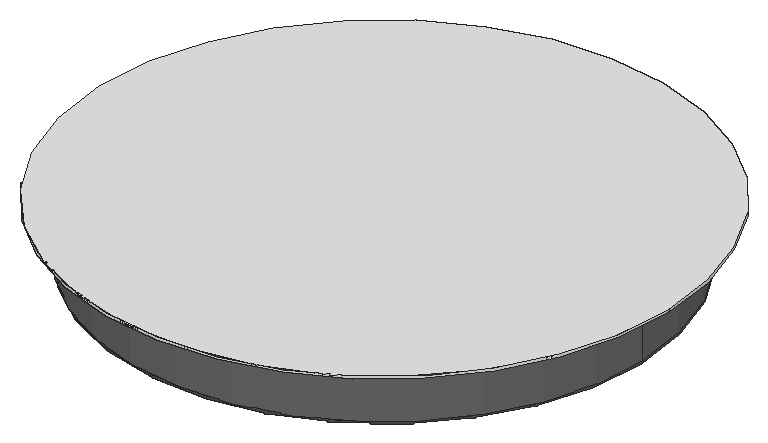
Revit family "ARKOSLIGHT_Fancy Shape Base 10", category Lighting Fixtures, host Face, Revit 2019
Family settings
  Host = Face
  Round Connector Dimension = Use Diameter
  Part Type = Normal
  Cut with Voids When Loaded = No
  Light Source = No
  Shared = No
  Room Calculation Point = No
Parameters (values of type "A4170141WT - FANCY SHAPE BASE 10 500mA WT")
  URL = "https://www.arkoslight.com/en/product/fsbase-es/"
  Model = ARKOSLIGHT_Model  # "FANCY SHAPE BASE"
  Manufacturer = "ARKOSLIGHT"  # constant formula
  ARKOSLIGHT_Wattage = 66.4 W
  ARKOSLIGHT_Series = "FANCY SHAPE BASE 10"  # constant formula
  ARKOSLIGHT_Reference = "A4170141WT"
  ARKOSLIGHT_Model = "FANCY SHAPE BASE"  # constant formula
  ARKOSLIGHT_IP = "20"
  ARKOSLIGHT_Fixture Type = "ACCESSORIES"  # constant formula
  ARKOSLIGHT_Dimming = "No Dim"
  ARKOSLIGHT_Color = "Textured white"
  Default Elevation = 0 mm
  Apparent Load = ARKOSLIGHT_Apparent Load  # 56 VA
  ARKOSLIGHT_Body_Secundary_Color = ARKOSLIGHT_Textured black
  ARKOSLIGHT_Body_Color = ARKOSLIGHT_Textured white
  ARKOSLIGHT_Apparent Load = 56 VA
Types (2, lengths in mm): name | ARKOSLIGHT_Reference | ARKOSLIGHT_Color | ARKOSLIGHT_Body_Color
  A4170141NT - FANCY SHAPE BASE 10 500mA NT | "A4170141NT" | "Textured black" | ARKOSLIGHT_Textured black
  A4170141WT - FANCY SHAPE BASE 10 500mA WT | "A4170141WT" | "Textured white" | ARKOSLIGHT_Textured white
Reference planes
  plane 1 "Center (Front/Back)": y = 0
  plane 2: z = 0
  plane 3 "Center (Left/Right)": x = 0
  plane 4: z = 34
Forms (mm)
  Extrusion 1, solid, material "ARKOSLIGHT_Textured white" <- "ARKOSLIGHT_Body_Color"
    sketch origin (-186.022, -4572, 34) x (-1, 0, 0) y (0, -1, 0)
      loop
        circle (-186.022, -4572) r 165
    from 0 to -1.425
  Revolve 2, solid, material "ARKOSLIGHT_Textured black" <- "ARKOSLIGHT_Body_Secundary_Color"
    sketch origin (0, 0, 0) x (1, 0, 0) y (0, 0, 1)
      loop
        line (0, 17.461) -> (0, 4.177) -> (128.904, 4.177) -> (131.729, 0) -> (147.965, 0)
        arc (147.965, 0) -> (149.379, 0.586) -> (149.965, 2) r 2
        line (149.965, 2) -> (149.965, 28.7) -> (147.527, 28.7) -> (147.527, 17.461) -> (0, 17.461)
      axis (0, 28.7) -> (0, 0)
    angle from 0 to 360
  Extrusion 3, solid, material "ARKOSLIGHT_Textured black" <- "ARKOSLIGHT_Body_Secundary_Color"
    sketch origin (-140.63, -51.219, 17.461) x (-1, 0, 0) y (0, -1, 0)
      loop
        circle (0, -51.219) r 4.5
    from 5.109 to 0
  Extrusion 4, solid, material "ARKOSLIGHT_Textured black" <- "ARKOSLIGHT_Body_Secundary_Color"
    sketch origin (-140.63, -51.219, 22.57) x (-1, 0, 0) y (0, -1, 0)
      loop
        circle (0, -51.219) r 5
    from 0 to 10.005
  Extrusion 5, solid, material "ARKOSLIGHT_Textured black" <- "ARKOSLIGHT_Body_Secundary_Color"
    sketch origin (-83.667, -124.097, 17.461) x (-0.809017, -0.587785, 0) y (0.587785, -0.809017, 0)
      loop
        circle (0, -51.219) r 4.5
    from 5.109 to 0
  Extrusion 6, solid, material "ARKOSLIGHT_Textured black" <- "ARKOSLIGHT_Body_Secundary_Color"
    sketch origin (-83.667, -124.097, 22.57) x (-0.809017, -0.587785, 0) y (0.587785, -0.809017, 0)
      loop
        circle (0, -51.219) r 5
    from 0 to 10.005
  Extrusion 7, solid, material "ARKOSLIGHT_Textured black" <- "ARKOSLIGHT_Body_Secundary_Color"
    sketch origin (-143.878, 41.223, 17.461) x (-0.809017, 0.587785, 0) y (-0.587785, -0.809017, 0)
      loop
        circle (0, -51.219) r 4.5
    from 5.109 to 0
  Extrusion 8, solid, material "ARKOSLIGHT_Textured black" <- "ARKOSLIGHT_Body_Secundary_Color"
    sketch origin (-143.878, 41.223, 22.57) x (-0.809017, 0.587785, 0) y (-0.587785, -0.809017, 0)
      loop
        circle (0, -51.219) r 5
    from 0 to 10.005
  Extrusion 9, solid, material "ARKOSLIGHT_Textured black" <- "ARKOSLIGHT_Body_Secundary_Color"
    sketch origin (-92.169, 117.92, 17.461) x (-0.309017, 0.951057, 0) y (-0.951057, -0.309017, 0)
      loop
        circle (0, -51.219) r 4.5
    from 5.109 to 0
  Extrusion 10, solid, material "ARKOSLIGHT_Textured black" <- "ARKOSLIGHT_Body_Secundary_Color"
    sketch origin (-92.169, 117.92, 22.57) x (-0.309017, 0.951057, 0) y (-0.951057, -0.309017, 0)
      loop
        circle (0, -51.219) r 5
    from 0 to 10.005
  Extrusion 11, solid, material "ARKOSLIGHT_Textured black" <- "ARKOSLIGHT_Body_Secundary_Color"
    sketch origin (-5.255, 149.575, 17.461) x (0.309017, 0.951057, 0) y (-0.951057, 0.309017, 0)
      loop
        circle (0, -51.219) r 4.5
    from 5.109 to 0
  Extrusion 12, solid, material "ARKOSLIGHT_Textured black" <- "ARKOSLIGHT_Body_Secundary_Color"
    sketch origin (-5.255, 149.575, 22.57) x (0.309017, 0.951057, 0) y (-0.951057, 0.309017, 0)
      loop
        circle (0, -51.219) r 5
    from 0 to 10.005
  Extrusion 13, solid, material "ARKOSLIGHT_Textured black" <- "ARKOSLIGHT_Body_Secundary_Color"
    sketch origin (83.667, 124.097, 17.461) x (0.809017, 0.587785, 0) y (-0.587785, 0.809017, 0)
      loop
        circle (0, -51.219) r 4.5
    from 5.109 to 0
  Extrusion 14, solid, material "ARKOSLIGHT_Textured black" <- "ARKOSLIGHT_Body_Secundary_Color"
    sketch origin (83.667, 124.097, 22.57) x (0.809017, 0.587785, 0) y (-0.587785, 0.809017, 0)
      loop
        circle (0, -51.219) r 5
    from 0 to 10.005
  Extrusion 15, solid, material "ARKOSLIGHT_Textured black" <- "ARKOSLIGHT_Body_Secundary_Color"
    sketch origin (140.63, 51.219, 17.461) x (1, 0, 0) y (0, 1, 0)
      loop
        circle (0, -51.219) r 4.5
    from 5.109 to 0
  Extrusion 16, solid, material "ARKOSLIGHT_Textured black" <- "ARKOSLIGHT_Body_Secundary_Color"
    sketch origin (140.63, 51.219, 22.57) x (1, 0, 0) y (0, 1, 0)
      loop
        circle (0, -51.219) r 5
    from 0 to 10.005
  Extrusion 17, solid, material "ARKOSLIGHT_Textured black" <- "ARKOSLIGHT_Body_Secundary_Color"
    sketch origin (143.878, -41.223, 17.461) x (0.809017, -0.587785, 0) y (0.587785, 0.809017, 0)
      loop
        circle (0, -51.219) r 4.5
    from 5.109 to 0
  Extrusion 18, solid, material "ARKOSLIGHT_Textured black" <- "ARKOSLIGHT_Body_Secundary_Color"
    sketch origin (143.878, -41.223, 22.57) x (0.809017, -0.587785, 0) y (0.587785, 0.809017, 0)
      loop
        circle (0, -51.219) r 5
    from 0 to 10.005
  Extrusion 19, solid, material "ARKOSLIGHT_Textured black" <- "ARKOSLIGHT_Body_Secundary_Color"
    sketch origin (92.169, -117.92, 17.461) x (0.309017, -0.951057, 0) y (0.951057, 0.309017, 0)
      loop
        circle (0, -51.219) r 4.5
    from 5.109 to 0
  Extrusion 20, solid, material "ARKOSLIGHT_Textured black" <- "ARKOSLIGHT_Body_Secundary_Color"
    sketch origin (92.169, -117.92, 22.57) x (0.309017, -0.951057, 0) y (0.951057, 0.309017, 0)
      loop
        circle (0, -51.219) r 5
    from 0 to 10.005
  Extrusion 21, solid, material "ARKOSLIGHT_Textured black" <- "ARKOSLIGHT_Body_Secundary_Color"
    sketch origin (5.255, -149.575, 17.461) x (-0.309017, -0.951057, 0) y (0.951057, -0.309017, 0)
      loop
        circle (0, -51.219) r 4.5
    from 5.109 to 0
  Extrusion 22, solid, material "ARKOSLIGHT_Textured black" <- "ARKOSLIGHT_Body_Secundary_Color"
    sketch origin (5.255, -149.575, 22.57) x (-0.309017, -0.951057, 0) y (0.951057, -0.309017, 0)
      loop
        circle (0, -51.219) r 5
    from 0 to 10.005
Dimensions and locks
  locked: plane 4 to plane 2 at 34
  plane 4 to Revolve 2 sketch curve = 5.3 mm
  aligned and locked: plane 2 to host face
  aligned and locked: level to host face
  aligned and locked: plane 3 "Center (Left/Right)" to Extrusion 1 sketch curve
  aligned and locked: plane 1 "Center (Front/Back)" to Extrusion 1 sketch curve
  aligned and locked: Revolve 2 sketch curve to plane 3 "Center (Left/Right)"  (x2)
  aligned and locked: Revolve 2 sketch curve to plane 2
Connectors
  electrical at (0, 0, 0), driven by "Apparent Load"
    settings: on host face, index 1, voltage 230 V, apparent load 0 VA, apparent load phase1 56 VA, apparent load phase2 0 VA, apparent load phase3 0 VA, power factor 1, load classification "Lighting", number of poles 1, system type 31, power factor state 1, is connector primary yes, connector utility no, sub classification motor no, connector description ""
